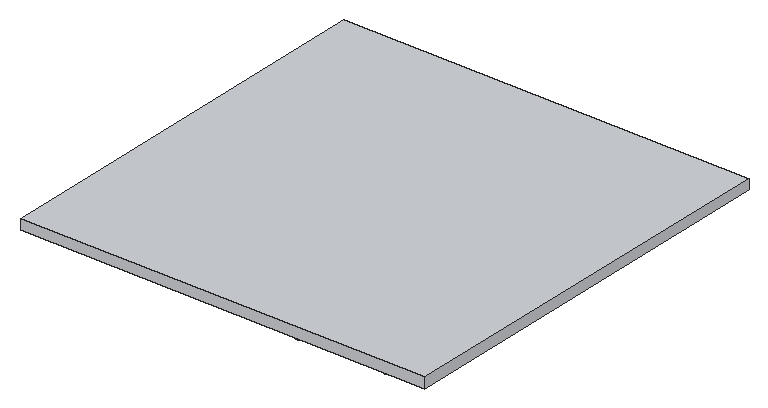
Revit family "LA2-X", category Lighting Fixtures, host Face, Revit 2014
Parameters (values of type "X - 42"x 8"")
  Weight = "21lbs"
  Wattage Comments = ""
  Wattage = 36 W
  built-in parameter 1150110 = 1 (stored number, unit not read)
  Type Comments = "Stainless steel canopy mounts to\r\nstandard junction box (provided by others)"
  built-in parameter 1114217 = 1 (stored number, unit not read)
  built-in parameter 1150109 = 1 (stored number, unit not read)
  built-in parameter 1150134 = (empty or 0)
  built-in parameter 1150113 = 1 (stored number, unit not read)
  STANDARDS = "3-6 week lead time, UL Compliant / CSA Approved, Damp Rated"
  Shade = 3form Varia Ecoresin
  Model = "LA2-X"
  Manufacturer = "LightArt"
  Lumens = 2900.16 lm
  built-in parameter 1150115 = 1 (stored number, unit not read)
  built-in parameter 1150105 = 923.15 (stored number, unit not read)
  Light Source Symbol Size = 1' - 6"
  built-in parameter 1150137 = (empty or 0)
  built-in parameter 1150139 = (empty or 0)
  built-in parameter 1150112 = 1 (stored number, unit not read)
  built-in parameter 1150114 = 1 (stored number, unit not read)
  LIGHTING = "Solid State LED System\r\n120v-277v input; 24v driver;\r\n0-10v dimming compatible\r\n3000k 81 CRI light source\r\nS - 14w, 1050mA, 1045 lumens"
  Keynote = ""
  Input = "120v-277v"
  built-in parameter 1150132 = (empty or 0)
  built-in parameter 1150102 = (empty or 0)
  built-in parameter 1150138 = (empty or 0)
  built-in parameter 1150107 = 3000 (stored number, unit not read)
  built-in parameter 1150106 = 9.2315 (stored number, unit not read)
  Height From Ceiling = 2' - 0"
  Height = 0' - 8"
  Hardware = Stainless Steel Cables
  HARDWARE_2 = "Removable powder coated lid\r\nStainless steel canopy mounts to\r\nstandard junction box (provided by others)\r\n(3-4) 3/64” stainless steel cables to canopy\r\nSilver power cord to canopy\r\nAdjustable 24”-96” suspension"
  Emit from Circle Diameter = 2' - 0"
  Emit Shape Visible in Rendering = no
  built-in parameter 1150104 = 7.4843 (stored number, unit not read)
  Driver = "24v"
  Dimming Lamp Color Temperature Shift = <None>
  Dimming Compatibility = "0-10v"
  Description = "L - 36w, 700mA, 2900 lumens"
  Diffuser = White Opal Acrylic
  Default Elevation [instance] = 4' - 0"
  Comments = "This model is for use in spatial massing and rendering. Please contact LightArt for pick-point placement and installation details."
  Color Filter = 16777215
  built-in parameter 1114218 = 1 (stored number, unit not read)
  built-in parameter 1150133 = 10 (stored number, unit not read)
Types (3): name | Weight | Height | HARDWARE_2
  X - 42"x 4" | "20 lbs" | 0' - 4" | "Removable powder coated lid"
  X - 42"x 8" | "21lbs" | 0' - 8" | "Removable powder coated lid\r\nStainless steel canopy mounts to\r\nstandard junction box (provided by others)\r\n(3-4) 3/64” stainless steel cables to canopy\r\nSilver power cord to canopy\r\nAdjustable 24”-96” suspension"
  X - 42" x12" | "22 lbs" | 1' - 0" | "Removable powder coated lid"
Reference planes (in)
  plane 1 "Light Source Axis (F/B)": y = 0
  plane 2 "Ceiling": z = 0
  plane 3 "Light Source Axis (L/R)": x = 0
  plane 4 "Light Source Elevation": z = -28
  plane 5: z = -32
  plane 6: z = -24
  plane 7: z = 0
Forms (in)
  Extrusion 1, solid, material "3form Varia Ecoresin" <- "Shade", detail levels medium+fine
    sketch origin (0, 0, -96) x (1, 0, 0) y (0, 1, 0)
      loop
        arc (-10.88146, 14.98047) -> (-14.98073, 14.98021) -> (-14.97995, 10.88094) r 2.89844
        line (-14.97995, 10.88094) -> (-10.19507, 6.09606) -> (-9.85256, 6.43856)
        arc (-9.85256, 6.43856) -> (-9.731, 6.43856) -> (-9.731, 6.317) r 0.08595
        line (-9.731, 6.317) -> (-10.07351, 5.9745) -> (-4.09901, 0) -> (-10.07351, -5.9745) -> (-9.731, -6.317)
        arc (-9.731, -6.317) -> (-9.731, -6.43856) -> (-9.85256, -6.43856) r 0.08595
        line (-9.85256, -6.43856) -> (-10.19507, -6.09606) -> (-14.98047, -10.88146)
        arc (-14.98047, -10.88146) -> (-14.98021, -14.98073) -> (-10.88094, -14.97995) r 2.89844
        line (-10.88094, -14.97995) -> (-6.09606, -10.19507) -> (-6.43856, -9.85256)
        arc (-6.43856, -9.85256) -> (-6.43856, -9.731) -> (-6.317, -9.731) r 0.08595
        line (-6.317, -9.731) -> (-5.9745, -10.07351) -> (0, -4.09901) -> (5.9745, -10.07351) -> (6.317, -9.731)
        arc (6.317, -9.731) -> (6.43856, -9.731) -> (6.43856, -9.85256) r 0.08595
        line (6.43856, -9.85256) -> (6.09606, -10.19507) -> (10.88146, -14.98047)
        arc (10.88146, -14.98047) -> (14.98073, -14.98021) -> (14.97995, -10.88094) r 2.89844
        line (14.97995, -10.88094) -> (10.19507, -6.09606) -> (9.85256, -6.43856)
        arc (9.85256, -6.43856) -> (9.731, -6.43856) -> (9.731, -6.317) r 0.08595
        line (9.731, -6.317) -> (10.07351, -5.9745) -> (4.09901, 0) -> (10.07351, 5.9745) -> (9.731, 6.317)
        arc (9.731, 6.317) -> (9.731, 6.43856) -> (9.85256, 6.43856) r 0.08595
        line (9.85256, 6.43856) -> (10.19507, 6.09606) -> (14.98047, 10.88146)
        arc (14.98047, 10.88146) -> (14.98021, 14.98073) -> (10.88094, 14.97995) r 2.89844
        line (10.88094, 14.97995) -> (6.09606, 10.19507) -> (6.43856, 9.85256)
        arc (6.43856, 9.85256) -> (6.43856, 9.731) -> (6.317, 9.731) r 0.08595
        line (6.317, 9.731) -> (5.9745, 10.07351) -> (0, 4.09901) -> (-5.9745, 10.07351) -> (-6.317, 9.731)
        arc (-6.317, 9.731) -> (-6.43856, 9.731) -> (-6.43856, 9.85256) r 0.08595
        line (-6.43856, 9.85256) -> (-6.09606, 10.19507) -> (-10.88146, 14.98047)
      loop
        line (-6.27283, 10.19507) -> (-10.96985, 14.89208)
        arc (-10.96985, 14.89208) -> (-14.89234, 14.89183) -> (-14.89157, 10.96934) r 2.77344
        line (-14.89157, 10.96934) -> (-10.19507, 6.27283) -> (-9.94095, 6.52695)
        arc (-9.94095, 6.52695) -> (-9.64262, 6.52695) -> (-9.64262, 6.22862) r 0.21095
        line (-9.64262, 6.22862) -> (-9.89673, 5.9745) -> (-3.92223, 0) -> (-9.89673, -5.9745) -> (-9.64262, -6.22862)
        arc (-9.64262, -6.22862) -> (-9.64262, -6.52695) -> (-9.94095, -6.52695) r 0.21095
        line (-9.94095, -6.52695) -> (-10.19507, -6.27283) -> (-14.89208, -10.96985)
        arc (-14.89208, -10.96985) -> (-14.89183, -14.89234) -> (-10.96934, -14.89157) r 2.77344
        line (-10.96934, -14.89157) -> (-6.27283, -10.19507) -> (-6.52695, -9.94095)
        arc (-6.52695, -9.94095) -> (-6.52695, -9.64262) -> (-6.22862, -9.64262) r 0.21095
        line (-6.22862, -9.64262) -> (-5.9745, -9.89673) -> (0, -3.92223) -> (5.9745, -9.89673) -> (6.22862, -9.64262)
        arc (6.22862, -9.64262) -> (6.52695, -9.64262) -> (6.52695, -9.94095) r 0.21095
        line (6.52695, -9.94095) -> (6.27283, -10.19507) -> (10.96985, -14.89208)
        arc (10.96985, -14.89208) -> (14.89234, -14.89183) -> (14.89157, -10.96934) r 2.77344
        line (14.89157, -10.96934) -> (10.19507, -6.27283) -> (9.94095, -6.52695)
        arc (9.94095, -6.52695) -> (9.64262, -6.52695) -> (9.64262, -6.22862) r 0.21095
        line (9.64262, -6.22862) -> (9.89673, -5.9745) -> (3.92223, 0) -> (9.89673, 5.9745) -> (9.64262, 6.22862)
        arc (9.64262, 6.22862) -> (9.64262, 6.52695) -> (9.94095, 6.52695) r 0.21095
        line (9.94095, 6.52695) -> (10.19507, 6.27283) -> (14.89208, 10.96985)
        arc (14.89208, 10.96985) -> (14.89183, 14.89234) -> (10.96934, 14.89157) r 2.77344
        line (10.96934, 14.89157) -> (6.27283, 10.19507) -> (6.52695, 9.94095)
        arc (6.52695, 9.94095) -> (6.52695, 9.64262) -> (6.22862, 9.64262) r 0.21095
        line (6.22862, 9.64262) -> (5.9745, 9.89673) -> (0, 3.92223) -> (-5.9745, 9.89673) -> (-6.22862, 9.64262)
        arc (-6.22862, 9.64262) -> (-6.52695, 9.64262) -> (-6.52695, 9.94095) r 0.21095
        line (-6.52695, 9.94095) -> (-6.27283, 10.19507)
    from 64 to 72
  Extrusion 2, solid, material "3form Varia Ecoresin" <- "Shade", detail levels medium+fine
    sketch origin (0, 0, -96) x (1, 0, 0) y (0, 1, 0)
      loop
        line (-6.27283, 10.19507) -> (-10.96985, 14.89208)
        arc (-10.96985, 14.89208) -> (-14.89234, 14.89183) -> (-14.89157, 10.96934) r 2.77344
        line (-14.89157, 10.96934) -> (-10.19507, 6.27283) -> (-9.94095, 6.52695)
        arc (-9.94095, 6.52695) -> (-9.64262, 6.52695) -> (-9.64262, 6.22862) r 0.21095
        line (-9.64262, 6.22862) -> (-9.89673, 5.9745) -> (-3.92223, 0) -> (-9.89673, -5.9745) -> (-9.64262, -6.22862)
        arc (-9.64262, -6.22862) -> (-9.64262, -6.52695) -> (-9.94095, -6.52695) r 0.21095
        line (-9.94095, -6.52695) -> (-10.19507, -6.27283) -> (-14.89208, -10.96985)
        arc (-14.89208, -10.96985) -> (-14.89183, -14.89234) -> (-10.96934, -14.89157) r 2.77344
        line (-10.96934, -14.89157) -> (-6.27283, -10.19507) -> (-6.52695, -9.94095)
        arc (-6.52695, -9.94095) -> (-6.52695, -9.64262) -> (-6.22862, -9.64262) r 0.21095
        line (-6.22862, -9.64262) -> (-5.9745, -9.89673) -> (0, -3.92223) -> (5.9745, -9.89673) -> (6.22862, -9.64262)
        arc (6.22862, -9.64262) -> (6.52695, -9.64262) -> (6.52695, -9.94095) r 0.21095
        line (6.52695, -9.94095) -> (6.27283, -10.19507) -> (10.96985, -14.89208)
        arc (10.96985, -14.89208) -> (14.89234, -14.89183) -> (14.89157, -10.96934) r 2.77344
        line (14.89157, -10.96934) -> (10.19507, -6.27283) -> (9.94095, -6.52695)
        arc (9.94095, -6.52695) -> (9.64262, -6.52695) -> (9.64262, -6.22862) r 0.21095
        line (9.64262, -6.22862) -> (9.89673, -5.9745) -> (3.92223, 0) -> (9.89673, 5.9745) -> (9.64262, 6.22862)
        arc (9.64262, 6.22862) -> (9.64262, 6.52695) -> (9.94095, 6.52695) r 0.21095
        line (9.94095, 6.52695) -> (10.19507, 6.27283) -> (14.89208, 10.96985)
        arc (14.89208, 10.96985) -> (14.89183, 14.89234) -> (10.96934, 14.89157) r 2.77344
        line (10.96934, 14.89157) -> (6.27283, 10.19507) -> (6.52695, 9.94095)
        arc (6.52695, 9.94095) -> (6.52695, 9.64262) -> (6.22862, 9.64262) r 0.21095
        line (6.22862, 9.64262) -> (5.9745, 9.89673) -> (0, 3.92223) -> (-5.9745, 9.89673) -> (-6.22862, 9.64262)
        arc (-6.22862, 9.64262) -> (-6.52695, 9.64262) -> (-6.52695, 9.94095) r 0.21095
        line (-6.52695, 9.94095) -> (-6.27283, 10.19507)
      loop
        circle (0, 0) r 0.40625
      loop
        circle (-1.19324, 3.0494) r 0.17188
      loop
        circle (-3.05013, 1.19251) r 0.17188
      loop
        circle (3.0494, -1.19324) r 0.17188
      loop
        circle (1.19251, -3.05013) r 0.17188
      loop
        circle (-3.04891, -1.19507) r 0.17188
      loop
        circle (-1.19507, -3.04891) r 0.17188
      loop
        circle (1.19507, 3.04891) r 0.17188
      loop
        circle (3.04891, 1.19507) r 0.17188
      loop
        circle (-9.5798, 11.43595) r 0.17188
      loop
        circle (-11.43669, 9.57906) r 0.17188
      loop
        circle (9.58162, 11.43546) r 0.17188
      loop
        circle (11.43546, 9.58162) r 0.17188
      loop
        circle (11.43595, -9.5798) r 0.17188
      loop
        circle (9.57906, -11.43669) r 0.17188
      loop
        circle (-11.43546, -9.58162) r 0.17188
      loop
        circle (-9.58162, -11.43546) r 0.17188
    from 71.87598 to 72
  Sweep 3, solid, material "Stainless Steel Cables" <- "Hardware"
    path origin (0, -9.8561, 0) x (0, 1, 0) y (0, 0, 1)
      loop
        spline (9.58148, -28) -> (9.85671, -25.32574) -> (9.82309, -23.07011) -> (9.59708, -21.01037) -> (9.29515, -18.9238) -> (9.01897, -16.66601) -> (8.82551, -14.33016) -> (8.76323, -12.05426) -> (8.88046, -9.97592) -> (9.17062, -8.09405) -> (9.49214, -6.06651) -> (9.68308, -3.4997) -> (9.58148, 0)
    profile origin (0, -1.0306, -14.33016) x (0, -0.9983, -0.058279) y (1, 0, 0)
      loop
        circle (0, 0) r 0.04042
  Extrusion 4, solid, material "Stainless Steel Cables" <- "Hardware"
    sketch origin (0, 0, -96) x (1, 0, 0) y (0, 1, 0)
      loop
        circle (-2.12126, -2.12078) r 0.04688
      loop
        circle (2.12128, -2.12184) r 0.04688
      loop
        circle (2.12128, 2.12146) r 0.04688
      loop
        circle (-2.12164, 2.12146) r 0.04688
    from 72 to 96
  Extrusion 5, solid, material "3form Varia Ecoresin" <- "Shade", detail levels coarse
    sketch origin (0, 0, -96) x (1, 0, 0) y (0, 1, 0)
      loop
        arc (-10.88146, 14.98047) -> (-14.98073, 14.98021) -> (-14.97995, 10.88094) r 2.89844
        line (-14.97995, 10.88094) -> (-4.09901, 0) -> (-14.98047, -10.88146)
        arc (-14.98047, -10.88146) -> (-14.98021, -14.98073) -> (-10.88094, -14.97995) r 2.89844
        line (-10.88094, -14.97995) -> (0, -4.09901) -> (10.88146, -14.98047)
        arc (10.88146, -14.98047) -> (14.98073, -14.98021) -> (14.97995, -10.88094) r 2.89844
        line (14.97995, -10.88094) -> (4.09901, 0) -> (14.98047, 10.88146)
        arc (14.98047, 10.88146) -> (14.98021, 14.98073) -> (10.88094, 14.97995) r 2.89844
        line (10.88094, 14.97995) -> (0, 4.09901) -> (-10.88146, 14.98047)
    from 72 to 64
  Extrusion 6, solid
    sketch origin (0, 0, 0) x (1, 0, 0) y (0, 1, 0)
      loop
        line (-60, -60) -> (60, -60) -> (60, 60) -> (-60, 60) -> (-60, -60)
    from 0 to 3
  Extrusion 7, solid, material "White Opal Acrylic" <- "Diffuser", detail levels medium+fine
    sketch origin (0, 0, -96) x (1, 0, 0) y (0, 1, 0)
      loop
        line (-10.96934, -14.89157) -> (-6.27283, -10.19507) -> (-6.52695, -9.94095)
        arc (-6.52695, -9.94095) -> (-6.52695, -9.64262) -> (-6.22862, -9.64262) r 0.21095
        line (-6.22862, -9.64262) -> (-5.9745, -9.89673) -> (0, -3.92223) -> (5.9745, -9.89673) -> (6.22862, -9.64262)
        arc (6.22862, -9.64262) -> (6.52695, -9.64262) -> (6.52695, -9.94095) r 0.21095
        line (6.52695, -9.94095) -> (6.27283, -10.19507) -> (10.96985, -14.89208)
        arc (10.96985, -14.89208) -> (14.89234, -14.89183) -> (14.89157, -10.96934) r 2.77344
        line (14.89157, -10.96934) -> (10.19507, -6.27283) -> (9.94095, -6.52695)
        arc (9.94095, -6.52695) -> (9.64262, -6.52695) -> (9.64262, -6.22862) r 0.21095
        line (9.64262, -6.22862) -> (9.89673, -5.9745) -> (3.92223, 0) -> (9.89673, 5.9745) -> (9.64262, 6.22862)
        arc (9.64262, 6.22862) -> (9.64262, 6.52695) -> (9.94095, 6.52695) r 0.21095
        line (9.94095, 6.52695) -> (10.19507, 6.27283) -> (14.89208, 10.96985)
        arc (14.89208, 10.96985) -> (14.89183, 14.89234) -> (10.96934, 14.89157) r 2.77344
        line (10.96934, 14.89157) -> (6.27283, 10.19507) -> (6.52695, 9.94095)
        arc (6.52695, 9.94095) -> (6.52695, 9.64262) -> (6.22862, 9.64262) r 0.21095
        line (6.22862, 9.64262) -> (5.9745, 9.89673) -> (0, 3.92223) -> (-5.9745, 9.89673) -> (-6.22862, 9.64262)
        arc (-6.22862, 9.64262) -> (-6.52695, 9.64262) -> (-6.52695, 9.94095) r 0.21095
        line (-6.52695, 9.94095) -> (-6.27283, 10.19507) -> (-10.96985, 14.89208)
        arc (-10.96985, 14.89208) -> (-14.89234, 14.89183) -> (-14.89157, 10.96934) r 2.77344
        line (-14.89157, 10.96934) -> (-10.19507, 6.27283) -> (-9.94095, 6.52695)
        arc (-9.94095, 6.52695) -> (-9.64262, 6.52695) -> (-9.64262, 6.22862) r 0.21095
        line (-9.64262, 6.22862) -> (-9.89673, 5.9745) -> (-3.92223, 0) -> (-9.89673, -5.9745) -> (-9.64262, -6.22862)
        arc (-9.64262, -6.22862) -> (-9.64262, -6.52695) -> (-9.94095, -6.52695) r 0.21095
        line (-9.94095, -6.52695) -> (-10.19507, -6.27283) -> (-14.89208, -10.96985)
        arc (-14.89208, -10.96985) -> (-14.89183, -14.89234) -> (-10.96934, -14.89157) r 2.77344
    from 64 to 64.125
Lines and regions (in)
  symbolic lines
    curve 1: line (0, 4.09901, -96) -> (-10.88146, 14.98047, -96)
    curve 2: line (-14.98047, 10.88146, -96) -> (-4.09901, 0, -96)
    curve 3: arc (-10.88146, 14.98047, -96) -> (-14.98047, 14.98047, -96) -> (-14.98047, 10.88146, -96) r 2.89844
    curve 4: line (0, 4.09901, -96) -> (10.88198, 14.98099, -96)
    curve 5: line (4.09901, 0, -96) -> (14.98217, 10.88316, -96)
    curve 6: arc (14.98217, 10.88316, -96) -> (14.97988, 14.98106, -96) -> (10.88198, 14.98099, -96) r 2.89844
    curve 7: line (0, -4.09901, -96) -> (10.88229, -14.98129, -96)
    curve 8: arc (10.88229, -14.98129, -96) -> (14.98088, -14.98006, -96) -> (14.98047, -10.88146, -96) r 2.89844
    curve 9: line (4.09901, 0, -96) -> (14.98047, -10.88146, -96)
    curve 10: line (0, -4.09901, -96) -> (-10.88029, -14.9793, -96)
    curve 11: line (-4.09901, 0, -96) -> (-14.9818, -10.88279, -96)
    curve 12: arc (-14.9818, -10.88279, -96) -> (-14.97922, -14.98172, -96) -> (-10.88029, -14.9793, -96) r 2.89844
Dimensions and locks (in)
  "Height": plane 6 to plane 5
  equal spacing: plane 6, plane 4 "Light Source Elevation", plane 5
  locked: Extrusion 1 to Extrusion 2 at 0.12402
  "Height From Ceiling": plane 2 "Ceiling" to plane 6
  locked: Extrusion 7 to Extrusion 5 at 0.125
  aligned and locked: plane 4 "Light Source Elevation" to imposter light
  aligned and locked: plane 6 to Extrusion 1
  aligned and locked: Extrusion 1 to plane 5
  aligned and locked: plane 6 to Extrusion 2
  aligned and locked: plane 2 "Ceiling" to Extrusion 4
  aligned and locked: Extrusion 5 to plane 5
  aligned and locked: plane 6 to Extrusion 5
  aligned and locked: Extrusion 4 to plane 6
  aligned and locked: plane 4 "Light Source Elevation" to Sweep 3 sketch curve
  aligned and locked: Extrusion 7 to plane 5
  aligned and locked: plane 5 to Extrusion 5
  aligned and locked: Extrusion 1 to Extrusion 7
  aligned and locked: plane 2 "Ceiling" to nested 1
Automatic sketch dimensions
  curve 11 to plane 3 "Light Source Axis (L/R)" = 1' - 2.9818"
  curve 11 to curve 12 = 0' - 2.05083"
  curve 3 to plane 3 "Light Source Axis (L/R)" = 1' - 0.93097"
  curve 12 to curve 10 = 0' - 2.05068"
  plane 1 "Light Source Axis (F/B)" to curve 11 = 0' - 0"
  curve 11 to plane 3 "Light Source Axis (L/R)" = 0' - 4.09901"
  curve 10 to plane 3 "Light Source Axis (L/R)" = 0' - 0"
  plane 3 "Light Source Axis (L/R)" to curve 4 = 0' - 0"
  curve 5 to plane 1 "Light Source Axis (F/B)" = 0' - 0"
  plane 3 "Light Source Axis (L/R)" to curve 5 = 0' - 4.09901"
  plane 3 "Light Source Axis (L/R)" to curve 4 = 0' - 10.88198"
  plane 3 "Light Source Axis (L/R)" to curve 7 = 0' - 10.88229"
  curve 7 to curve 8 = 0' - 2.04868"
  curve 4 to curve 6 = 0' - 2.04899"
  curve 6 to curve 5 = 0' - 2.0512"
  plane 1 "Light Source Axis (F/B)" to curve 7 = 0' - 4.09901"
  plane 1 "Light Source Axis (F/B)" to curve 11 = 0' - 10.88279"
  curve 12 to curve 11 = 0' - 2.04818"
  curve 7 to curve 8 = 0' - 2.05033"
  curve 4 to plane 1 "Light Source Axis (F/B)" = 0' - 4.09901"
  curve 5 to plane 1 "Light Source Axis (F/B)" = 0' - 10.88316"
  curve 5 to curve 6 = 0' - 2.04781"
  curve 3 to plane 1 "Light Source Axis (F/B)" = 1' - 0.93097"
  curve 2 to plane 1 "Light Source Axis (F/B)" = 0' - 10.88146"
  curve 2 to curve 3 = 0' - 0"  (x2)
  curve 3 to curve 3 = 0' - 2.0495"
  curve 3 to curve 1 = 0' - 0"  (x2)
  curve 8 to curve 8 = 0' - 2.0495"
  plane 1 "Light Source Axis (F/B)" to curve 9 = 0' - 10.88146"
  Extrusion 1 sketch curve to Extrusion 1 sketch curve = 0' - 0"  (x34)
  Extrusion 1 sketch curve to plane 3 "Light Source Axis (L/R)" = 1' - 2 251/256"
  Extrusion 1 sketch curve to plane 3 "Light Source Axis (L/R)" = 1' - 2.97995"
  Extrusion 1 sketch curve to Extrusion 1 sketch curve = 0' - 0.08839"  (x26)
  Extrusion 1 sketch curve to Extrusion 1 sketch curve = 0' - 0.08838"  (x2)
  Extrusion 1 sketch curve to Extrusion 1 sketch curve = 0' - 1.96112"  (x6)
  Extrusion 1 sketch curve to Extrusion 1 sketch curve = 0' - 1.96061"  (x2)
  Extrusion 1 sketch curve to Extrusion 1 sketch curve = 0' - 1.96162"  (x4)
  Extrusion 1 sketch curve to Extrusion 1 sketch curve = 0' - 0.0884"  (x4)
  Extrusion 1 sketch curve to Extrusion 1 sketch curve = 0' - 4.7854"
  Extrusion 1 sketch curve to Extrusion 1 sketch curve = 0' - 4.69651"
  Extrusion 1 sketch curve to Extrusion 1 sketch curve = 0' - 0.12156"  (x18)
  Extrusion 1 sketch curve to Extrusion 1 sketch curve = 0' - 0.25412"  (x10)
  Extrusion 1 sketch curve to Extrusion 1 sketch curve = 0' - 0.17678"  (x16)
  plane 1 "Light Source Axis (F/B)" to Extrusion 1 sketch curve = 0' - 6.43856"
  Extrusion 1 sketch curve to Extrusion 1 sketch curve = 0' - 0.06078"  (x19)
  plane 1 "Light Source Axis (F/B)" to Extrusion 1 sketch curve = 0' - 6.317"  (x2)
  Extrusion 1 sketch curve to plane 1 "Light Source Axis (F/B)" = 0' - 6.317"
  Extrusion 1 sketch curve to Extrusion 1 sketch curve = 0' - 3.414"  (x6)
  plane 1 "Light Source Axis (F/B)" to Extrusion 1 sketch curve = 0' - 0"
  Extrusion 1 sketch curve to plane 3 "Light Source Axis (L/R)" = 0' - 0"  (x2)
  plane 3 "Light Source Axis (L/R)" to Extrusion 1 sketch curve = 0' - 0"  (x2)
  Extrusion 1 sketch curve to plane 1 "Light Source Axis (F/B)" = 0' - 0"  (x2)
  plane 3 "Light Source Axis (L/R)" to Extrusion 1 sketch curve = 0' - 3.92223"
  plane 3 "Light Source Axis (L/R)" to Extrusion 1 sketch curve = 0' - 5.9745"  (x2)
  Extrusion 1 sketch curve to plane 1 "Light Source Axis (F/B)" = 0' - 6.43856"
  plane 1 "Light Source Axis (F/B)" to Extrusion 1 sketch curve = 0' - 5.9745"
  Extrusion 1 sketch curve to Extrusion 1 sketch curve = 0' - 4.60811"  (x2)
  Extrusion 1 sketch curve to Extrusion 1 sketch curve = 0' - 4.60863"
  Extrusion 1 sketch curve to plane 1 "Light Source Axis (F/B)" = 0' - 10.96985"
  plane 1 "Light Source Axis (F/B)" to Extrusion 1 sketch curve = 0' - 10.88094"
  Extrusion 1 sketch curve to Extrusion 1 sketch curve = 0' - 4.4429"
  Extrusion 1 sketch curve to Extrusion 1 sketch curve = 0' - 3.87806"
  Extrusion 1 sketch curve to Extrusion 1 sketch curve = 0' - 3.7565"
  Extrusion 1 sketch curve to Extrusion 1 sketch curve = 0' - 0.20995"  (x3)
  Extrusion 1 sketch curve to Extrusion 1 sketch curve = 0' - 0.29834"
  Extrusion 1 sketch curve to plane 1 "Light Source Axis (F/B)" = 0' - 3.92223"
  plane 1 "Light Source Axis (F/B)" to Extrusion 2 sketch curve = 0' - 0"  (x2)
  Extrusion 2 sketch curve to plane 3 "Light Source Axis (L/R)" = 0' - 0"  (x2)
  Extrusion 2 sketch curve to plane 3 "Light Source Axis (L/R)" = 0' - 1.19324"
  Extrusion 2 sketch curve to plane 3 "Light Source Axis (L/R)" = 0' - 1.19507"
  plane 1 "Light Source Axis (F/B)" to Extrusion 2 sketch curve = 0' - 1.19507"
  Extrusion 2 sketch curve to Extrusion 2 sketch curve = 0' - 1.85384"  (x7)
  Extrusion 2 sketch curve to plane 1 "Light Source Axis (F/B)" = 0' - 1.19251"
  Extrusion 2 sketch curve to Extrusion 2 sketch curve = 0' - 0.00122"
  Extrusion 2 sketch curve to Extrusion 2 sketch curve = 0' - 0.8721"  (x2)
  Extrusion 2 sketch curve to plane 3 "Light Source Axis (L/R)" = 0' - 5.9745"  (x2)
  Extrusion 2 sketch curve to Extrusion 2 sketch curve = 0' - 0.25412"  (x20)
  Extrusion 2 sketch curve to Extrusion 2 sketch curve = 0' - 0.29833"  (x5)
  Extrusion 2 sketch curve to Extrusion 2 sketch curve = 0' - 0.14917"  (x21)
  Extrusion 2 sketch curve to Extrusion 2 sketch curve = 0' - 3.05285"
  Extrusion 2 sketch curve to Extrusion 2 sketch curve = 0' - 3 7/128"  (x4)
  Extrusion 2 sketch curve to Extrusion 2 sketch curve = 0' - 3.414"  (x6)
  Extrusion 2 sketch curve to plane 1 "Light Source Axis (F/B)" = 0' - 6.52695"
  Extrusion 2 sketch curve to Extrusion 2 sketch curve = 0' - 1.38772"  (x2)
  Extrusion 2 sketch curve to Extrusion 2 sketch curve = 0' - 1.39005"
  Extrusion 2 sketch curve to Extrusion 2 sketch curve = 0' - 1.85689"  (x4)
  Extrusion 2 sketch curve to Extrusion 2 sketch curve = 0' - 1.96112"  (x7)
  Extrusion 2 sketch curve to Extrusion 2 sketch curve = 0' - 1.96162"  (x3)
  Extrusion 2 sketch curve to Extrusion 2 sketch curve = 0' - 1.96061"  (x2)
  plane 1 "Light Source Axis (F/B)" to Extrusion 2 sketch curve = 0' - 10.96985"
  plane 3 "Light Source Axis (L/R)" to Extrusion 2 sketch curve = 0' - 0"
  plane 3 "Light Source Axis (L/R)" to Extrusion 2 sketch curve = 0' - 1.19251"
  plane 3 "Light Source Axis (L/R)" to Extrusion 2 sketch curve = 0' - 1.19507"
  Extrusion 2 sketch curve to plane 1 "Light Source Axis (F/B)" = 0' - 1.19507"
  plane 1 "Light Source Axis (F/B)" to Extrusion 2 sketch curve = 0' - 1.19324"
  Extrusion 2 sketch curve to Extrusion 2 sketch curve = 0' - 0.00049"  (x2)
  Extrusion 2 sketch curve to plane 1 "Light Source Axis (F/B)" = 0' - 0"
  Extrusion 2 sketch curve to Extrusion 2 sketch curve = 0' - 0.87283"  (x2)
  plane 3 "Light Source Axis (L/R)" to Extrusion 2 sketch curve = 0' - 5.9745"  (x2)
  Extrusion 2 sketch curve to Extrusion 2 sketch curve = 0' - 3.05211"  (x2)
  plane 1 "Light Source Axis (F/B)" to Extrusion 2 sketch curve = 0' - 6.52695"
  Extrusion 2 sketch curve to Extrusion 2 sketch curve = 0' - 1.39079"
  Extrusion 2 sketch curve to plane 1 "Light Source Axis (F/B)" = 0' - 10.96985"
  Extrusion 2 sketch curve to Extrusion 2 sketch curve = 0' - 0.46561"
  Extrusion 2 sketch curve to Extrusion 2 sketch curve = 0' - 4.90974"
  Extrusion 2 sketch curve to Extrusion 2 sketch curve = 0' - 1.49428"
  Extrusion 2 sketch curve to Extrusion 2 sketch curve = 0' - 1.24162"
  Extrusion 2 sketch curve to Extrusion 2 sketch curve = 0' - 1.2404"
  Extrusion 2 sketch curve to Extrusion 2 sketch curve = 0' - 0.29834"  (x2)
  Extrusion 2 sketch curve to Extrusion 2 sketch curve = 0' - 0.87332"
  Extrusion 2 sketch curve to Extrusion 2 sketch curve = 0' - 1.39028"
  Sweep 3 sketch curve to plane 2 "Ceiling" = 0' - 0"
  plane 1 "Light Source Axis (F/B)" to Sweep 3 sketch curve = 0' - 0.27462"
  Sweep 3 sketch curve to plane 3 "Light Source Axis (L/R)" = 0' - 0"
  Sweep 3 sketch curve to profile plane = 0' - 0"
  Extrusion 4 sketch curve to Extrusion 4 sketch curve = 0' - 0"  (x8)
  Extrusion 4 sketch curve to plane 3 "Light Source Axis (L/R)" = 0' - 2.12164"
  Extrusion 4 sketch curve to plane 3 "Light Source Axis (L/R)" = 0' - 2.12126"
  plane 3 "Light Source Axis (L/R)" to Extrusion 4 sketch curve = 0' - 2.12128"  (x2)
  plane 1 "Light Source Axis (F/B)" to Extrusion 4 sketch curve = 0' - 2.12184"
  plane 1 "Light Source Axis (F/B)" to Extrusion 4 sketch curve = 0' - 2.12078"
  Extrusion 4 sketch curve to plane 1 "Light Source Axis (F/B)" = 0' - 2.12146"  (x2)
  Extrusion 4 sketch curve to Extrusion 4 sketch curve = 0' - 0.00511"  (x8)
  Extrusion 4 sketch curve to Extrusion 4 sketch curve = 0' - 0.0466"  (x4)
  Extrusion 5 sketch curve to plane 3 "Light Source Axis (L/R)" = 1' - 2 251/256"
  Extrusion 5 sketch curve to plane 3 "Light Source Axis (L/R)" = 1' - 2.97995"
  Extrusion 5 sketch curve to Extrusion 5 sketch curve = 0' - 2.0495"  (x6)
  Extrusion 5 sketch curve to Extrusion 5 sketch curve = 0' - 2.04899"  (x2)
  Extrusion 5 sketch curve to Extrusion 5 sketch curve = 0' - 2.05002"  (x4)
  Extrusion 5 sketch curve to plane 1 "Light Source Axis (F/B)" = 0' - 0"  (x2)
  Extrusion 5 sketch curve to plane 3 "Light Source Axis (L/R)" = 0' - 4.09901"
  Extrusion 5 sketch curve to plane 3 "Light Source Axis (L/R)" = 0' - 0"  (x2)
  plane 3 "Light Source Axis (L/R)" to Extrusion 5 sketch curve = 0' - 4.09901"
  plane 3 "Light Source Axis (L/R)" to Extrusion 5 sketch curve = 0' - 10.88094"
  plane 3 "Light Source Axis (L/R)" to Extrusion 5 sketch curve = 0' - 10.88146"
  plane 1 "Light Source Axis (F/B)" to Extrusion 5 sketch curve = 0' - 10.88094"
  plane 1 "Light Source Axis (F/B)" to Extrusion 5 sketch curve = 0' - 10.88146"
  plane 1 "Light Source Axis (F/B)" to Extrusion 5 sketch curve = 0' - 4.09901"
  Extrusion 5 sketch curve to plane 1 "Light Source Axis (F/B)" = 0' - 4.09901"
  Extrusion 5 sketch curve to plane 1 "Light Source Axis (F/B)" = 0' - 10.88094"
  Extrusion 5 sketch curve to plane 1 "Light Source Axis (F/B)" = 0' - 10.88146"
  Extrusion 5 sketch curve to Extrusion 5 sketch curve = 0' - 0"  (x2)
  Extrusion 6 sketch curve to Extrusion 6 sketch curve = 10' - 0"  (x2)
  Extrusion 7 sketch curve to plane 3 "Light Source Axis (L/R)" = 1' - 0.93097"
  Extrusion 7 sketch curve to Extrusion 7 sketch curve = 0' - 1.96162"  (x2)
  plane 1 "Light Source Axis (F/B)" to Extrusion 7 sketch curve = 1' - 2.89157"
  Extrusion 7 sketch curve to Extrusion 7 sketch curve = 0' - 1.96061"  (x3)
  Extrusion 7 sketch curve to Extrusion 7 sketch curve = 0' - 1.96112"  (x7)
  Extrusion 7 sketch curve to plane 3 "Light Source Axis (L/R)" = 0' - 6.27283"
  Extrusion 7 sketch curve to Extrusion 7 sketch curve = 0' - 4.69651"
  Extrusion 7 sketch curve to Extrusion 7 sketch curve = 0' - 0.25412"  (x25)
  Extrusion 7 sketch curve to Extrusion 7 sketch curve = 0' - 0.14917"  (x23)
  Extrusion 7 sketch curve to plane 3 "Light Source Axis (L/R)" = 0' - 0"
  plane 3 "Light Source Axis (L/R)" to Extrusion 7 sketch curve = 0' - 5.9745"
  Extrusion 7 sketch curve to Extrusion 7 sketch curve = 0' - 4.69701"  (x6)
  Extrusion 7 sketch curve to Extrusion 7 sketch curve = 0' - 3.66812"  (x6)
  Extrusion 7 sketch curve to plane 1 "Light Source Axis (F/B)" = 0' - 0"
  Extrusion 7 sketch curve to plane 1 "Light Source Axis (F/B)" = 0' - 5.9745"
  Extrusion 7 sketch curve to plane 1 "Light Source Axis (F/B)" = 0' - 6.22862"
  Extrusion 7 sketch curve to Extrusion 7 sketch curve = 0' - 0.10495"  (x2)
  Extrusion 7 sketch curve to Extrusion 7 sketch curve = 0' - 0.40328"
  plane 3 "Light Source Axis (L/R)" to Extrusion 7 sketch curve = 0' - 0"
  Extrusion 7 sketch curve to plane 3 "Light Source Axis (L/R)" = 0' - 5.9745"
  Extrusion 7 sketch curve to Extrusion 7 sketch curve = 0' - 5.9745"
  plane 1 "Light Source Axis (F/B)" to Extrusion 7 sketch curve = 0' - 0"
  plane 1 "Light Source Axis (F/B)" to Extrusion 7 sketch curve = 0' - 5.9745"
  plane 1 "Light Source Axis (F/B)" to Extrusion 7 sketch curve = 0' - 6.22862"
  radius of Extrusion 2 sketch curve = 0' - 0 13/32"
  radius of Extrusion 2 sketch curve = 0' - 0 11/64"  (x16)
  radius of Sweep 3 sketch curve = 0' - 0.04042"
Nested families (in)
  nested 1: "La2-s" at (0, 0, -1.6155) x (0.9662, -0.258, 0) z (0, 0, 1), type "La2-s"
Definition of nested family "La2-s"
  Parameters (values of type "La2-s")
    20 Gauge Steel = 20 Gauge Steel
  Reference planes (in)
    plane 1 "Center (Front/Back)": y = 0
    plane 2: z = 0
    plane 3 "Center (Left/Right)": x = 0
  Forms (in)
    Extrusion 1, solid, material "20 Gauge Steel" <- "20 Gauge Steel", detail levels medium+fine
      sketch origin (0, 0, -15.94347) x (1, 0, 0) y (0, 1, 0)
        loop
          circle (0, 0) r 3.74537
        loop
          circle (0, 0) r 3.71208
      from 15.99647 to 17.50597
    Extrusion 2, solid, material "20 Gauge Steel" <- "20 Gauge Steel", detail levels medium+fine
      sketch origin (0.01144, 0.0201, -97.55259) x (1, 0, 0) y (0, 1, 0)
        loop
          circle (-0.01144, -0.0201) r 4
        loop
          circle (-0.01144, -0.0201) r 0.20602
        loop
          circle (1.36496, -0.0201) r 0.08607
        loop
          circle (-1.38685, -0.0201) r 0.08615
      from 97.55259 to 97.60559
    Extrusion 3, solid, material "20 Gauge Steel" <- "20 Gauge Steel", detail levels medium+fine
      sketch origin (0, 0, 0.053) x (1, 0, 0) y (0, 1, 0)
        loop
          circle (-1.68517, -0.44237) r 0.1875
        loop
          circle (1.75178, -2.88021) r 0.1875
      from 0 to 0.3125
    Extrusion 4, solid, material "20 Gauge Steel" <- "20 Gauge Steel", detail levels coarse
      sketch origin (0, 0, 0) x (1, 0, 0) y (0, 1, 0)
        loop
          circle (0, 0) r 3.74537
      from 0 to 1.6155
    Extrusion 5, solid, material "20 Gauge Steel" <- "20 Gauge Steel", detail levels medium+fine
      sketch origin (0, 0, -13.47687) x (1, 0, 0) y (0, 1, 0)
        loop
          circle (0, 0) r 3.74537
        loop
          circle (0.00333, 0.5698) r 0.20326
        loop
          circle (0.00333, 0) r 0.20324
        loop
          circle (-1.37619, 0.00333) r 0.0833
        loop
          circle (1.37619, 0.00333) r 0.0833
        loop
          circle (-2.1226, -2.11594) r 0.03665
        loop
          circle (-2.59583, -1.49582) r 0.03665
        loop
          circle (2.1226, -2.11594) r 0.03665
        loop
          circle (2.60243, -1.49615) r 0.03665
        loop
          circle (2.1226, 2.12926) r 0.03665
        loop
          circle (0.00333, 3.00896) r 0.03665
        loop
          circle (-2.1226, 2.12926) r 0.03665
      from 15.03937 to 15.09237
  Cuts and joins
    joined: Extrusion 1, Extrusion 2, Extrusion 5
  Lines and regions (in)
    symbolic lines
      curve 1: line (0, 0, 0.053) -> (0, 0, 1.6155)
  Dimensions and locks (in)
    aligned and locked: level to plane 2
